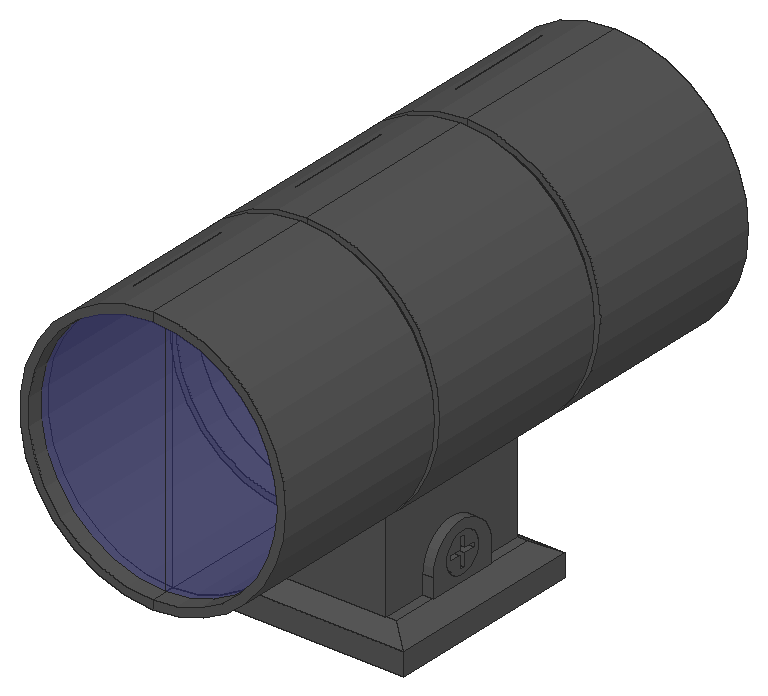
Revit family "CARLO CYLINDER LIGHT WALL MOUNT", category Lighting Fixtures, host Face, Revit 2020 (continued)
Types (10): name | Wattage_Input | Wattage Comments | Wattage | Photometric Web File | built-in parameter 1150142 | Model | built-in parameter 1150105 | Lumens | Light Length 1 | LIGHT RADIUS | LIGHT PLACEMENT | LIGHT LENGTH | LIGHT DIA | built-in parameter 1150106 | FIXED END HEIGHT | Curve base Height | Base Curve | BEAMING ANGLE | Apparent Load
    157.01 161.29 166.31 172.33 179.54 \r\n 188.29 198.69 211.68 229.16 248.44 266.09 286.23 312.58 342.8 375.8 \r\n 411.63 450.1 490.98 533.99 579.02 625.97 674.44 724.17 774.56 824.95 \r\n 875.23 925.24 974.52 1022.7 1069.4 1114.5 1157.6 1199.1 1237.1 1269.6 \r\n 1298.3 1324.4 1348.2 1371 1391.9 1410.7 1426.6 1438.8 1446.9 1450.6 \r\n 1452.3 \r\n1448.4 1448.8 1442.8 1430.6 1414.2 1395.2 1373.9 1350.9 1326.8 1303.3 \r\n 1278.5 1251.6 1221.3 1185.5 1145.7 1102.7 1056.8 1008.1 957.59 905.87 \r\n 854.07 803.7 754.17 705.37 657.4 610.26 564.19 519.13 476.03 435.97 \r\n 398.59 363.69 331.92 304.02 279.67 259.1 241.45 225.89 212.48 201.12 \r\n 191.4 182.84 175.5 169.36 164.17 159.68 155.8 152.35 149.35 146.8 \r\n 144.6 142.7 141.05 139.6 138.32 137.19 136.13 135.02 133.91 132.8 \r\n 131.72 130.74 129.81 128.93 128.07 127.27 126.35 125.18 123.71 122.04 \r\n 119.62 115.88 110.95 104.54 97.366 89.987 82.525 75.404 68.281 60.823 \r\n 53.418 46.279 39.59 33.738 28.329 22.874 18.051 14.436 11.835 10.496 \r\n 9.6624 8.5308 7.4791 6.6245 5.9467 5.4919 5.1781 4.9537 4.773 4.5596 \r\n 4.3535 4.1694 4.0071 3.8808 3.7634 3.6285 3.4884 3.3451 3.2041 3.0786 \r\n 2.9481 2.7882 2.6235 2.4717 2.329 2.2037 2.0761 1.9194 1.763 1.6354 \r\n 1.5126 1.3763 1.2387 1.1047 0.97786 0.86471 0.76061 0.66133 0.57216 0.4982 \r\n 0.43579 0.38205 0.33974 0.31351 0.2948 0.27556 0.25885 0.24591 0.23414 0.22383 \r\n 0.21445 0.20557 0.19723 0.18923 0.18183 0.17564 0.16944 0.16198 0.15397 0.14533 \r\n 0.13714 0.13138 0.12523 0.11501 0.10534 0.10124 0.097774 0.090652 0.082947 0.076744 \r\n 0.070717 0.063797 0.057304 0.052767 0.048487 0.042976 0.037135 0.031154 0.025679 0.022234 \r\n 0.018387 0.010832 0.0037262 0.00096492 0.000032 0 0 0 0 0 \r\n 0 0 0 0 0 0 0 0 0.000031 0.0013136 \r\n 0.002549 0.0024383 0.0021985 0.0028871 0.003685 0.0034928 0.0042092 0.0076397 0.012963 0.020134 \r\n 0.028633 0.038297 0.048027 0.056577 0.064229 0.070799 0.076432 0.080571 0.085134 0.092697 \r\n 0.10072 0.10711 0.11308 0.11919 0.1253 0.13122 0.13758 0.14491 0.15327 0.16323 \r\n 0.17376 0.18393 0.19407 0.20281 0.21436 0.23331 0.2572 0.2846 0.31809 0.35744 \r\n 0.40957 0.48569 0.57262 0.65752 0.75056 0.85788 0.97875 1.1223 1.265 1.3733 \r\n 1.4868 1.6476 1.8141 1.9522 2.0816 2.2061 2.34 2.5129 2.6831 2.8062 \r\n 2.9199 3.0515 3.1873 3.3236 3.4567 3.5741 3.6983 3.8513 4.0227 4.2136 \r\n 4.4112 4.5949 4.7885 4.9757 5.2564 5.7465 6.3817 7.1594 8.0105 8.7744 \r\n 9.7245 10.87 12.843 16.44 21.176 26.987 33.419 39.972 46.724 53.522 \r\n 60.558 68.102 75.768 83.309 90.58 97.328 103.62 109.7 114.81 117.93 \r\n 120.04 121.72 123.09 124.49 125.74 126.72 127.6 128.54 129.51 130.51 \r\n 131.51 132.49 133.49 134.56 135.61 136.52 137.48 138.68 140.06 141.57 \r\n 143.32 145.44 147.87 150.51 153.58 157.24 161.58 166.65 172.77 180.14 \r\n 189.07 199.54 212.67 230.48 250.17 268.22 288.69 315.22 345.59 378.8 \r\n 414.86 453.56 494.62 537.73 582.84 629.94 678.56 728.42 778.89 829.23 \r\n 879.42 929.35 978.51 1026.5 1072.9 1117.3 1159.8 1201.1 1239.1 1271.4 \r\n 1300.1 1326.2 1350.2 1373.2 1394.2 1412.8 1428.4 1440.3 1448.2 1451.4 \r\n 1452.3 \r\n1448.4 1449.7 1444.7 1433.3 1417.6 1399.5 1378.9 1355.9 1331.7 1308.2 \r\n 1283.6 1257.2 1227.6 1192.4 1153.2 1110.7 1065.2 1016.9 966.67 914.86 \r\n 862.79 812.09 762.19 712.94 664.63 617.55 571.51 525.95 482.29 442.02 \r\n 404.4 368.9 336.44 307.76 282.86 262.62 245.24 228.92 214.59 202.86 \r\n 192.92 184.17 176.66 170.34 164.97 160.34 156.36 152.82 149.75 147.13 \r\n 144.87 142.93 141.25 139.77 138.47 137.35 136.3 135.18 134.06 132.97 \r\n 131.93 130.95 130.02 129.12 128.24 127.43 126.53 125.39 124 122.51 \r\n 120.32 116.88 112.26 106.1 99.168 92.107 84.869 77.651 70.353 62.835 \r\n 55.407 48.311 41.619 35.56 29.9 24.271 19.293 15.527 12.78 11.291 \r\n 10.333 9.1524 8.0655 7.1394 6.3677 5.777 5.3355 5.0449 4.831 4.6129 \r\n 4.4117 4.2172 4.0424 3.9059 3.7802 3.6406 3.4971 3.3487 3.2041 3.0789 \r\n 2.9508 2.7961 2.6344 2.4755 2.3257 2.2038 2.082 1.9296 1.7748 1.6405 \r\n 1.5121 1.3825 1.2516 1.1127 0.97919 0.86547 0.76216 0.66302 0.57298 0.49484 \r\n 0.42865 0.37577 0.3351 0.30814 0.28848 0.26961 0.25333 0.23975 0.22754 0.21776 \r\n 0.20872 0.19852 0.18888 0.18133 0.17459 0.16797 0.16133 0.15446 0.14696 0.13765 \r\n 0.12867 0.12289 0.11699 0.10699 0.097648 0.093989 0.091239 0.08564 0.079167 0.072733 \r\n 0.065753 0.057354 0.049313 0.043611 0.038751 0.033852 0.02905 0.02389 0.019271 0.016676 \r\n 0.013899 0.0081177 0.0026759 0.00064946 0.000023 0 0 0 0 0 \r\n 0 0 0 0 0 0 0 0 0.00010061 0.0042979 \r\n 0.0083991 0.0082611 0.007731 0.010149 0.012894 0.013527 0.014849 0.01936 0.025524 0.032674 \r\n 0.040707 0.0495 0.058449 0.066995 0.074881 0.08149 0.087338 0.09237 0.097685 0.10486 \r\n 0.1124 0.11914 0.12566 0.1321 0.13852 0.14491 0.15156 0.15851 0.16651 0.17685 \r\n 0.1879 0.19827 0.20858 0.21784 0.22954 0.2473 0.26979 0.2979 0.3323 0.37088 \r\n 0.42285 0.50235 0.5924 0.67686 0.76737 0.86915 0.9854 1.1309 1.2762 1.382 \r\n 1.492 1.6506 1.8164 1.9583 2.0913 2.2137 2.3443 2.5148 2.6844 2.8121 \r\n 2.9306 3.061 3.1956 3.3358 3.476 3.6054 3.7417 3.9015 4.078 4.2719 \r\n 4.4766 4.6742 4.8997 5.1539 5.5222 6.118 6.8579 7.7162 8.6345 9.4521 \r\n 10.45 11.647 13.671 17.324 22.107 27.938 34.373 40.906 47.629 54.424 \r\n 61.417 68.798 76.262 83.617 90.724 97.364 103.59 109.67 114.75 117.72 \r\n 119.67 121.31 122.67 124.1 125.39 126.39 127.3 128.29 129.3 130.32 \r\n 131.36 132.41 133.47 134.56 135.62 136.55 137.53 138.71 140.06 141.59 \r\n 143.36 145.48 147.9 150.53 153.61 157.3 161.68 166.78 172.92 180.38 \r\n 189.36 199.77 212.7 229.97 249.33 268.06 289.36 316.06 346.43 379.67 \r\n 415.74 454.42 495.44 538.44 583.49 630.78 679.59 729.44 779.83 830.12 \r\n 880.25 930.11 979.17 1027 1073.2 1117.2 1159.5 1200.9 1239.2 1271.5 \r\n 1300.1 1326.6 1350.9 1374.1 1395.3 1414 1429.6 1441.5 1449.3 1452.3 \r\n 1452.3 \r\n1448.4 1450.7 1446.8 1436.1 1421.1 1403.9 1384 1361.1 1336.9 1313.3 \r\n 1288.7 1262.9 1234 1199.5 1161 1119 1074 1026.1 976.05 924.19 \r\n 871.9 820.87 770.54 720.8 672.09 625.08 579.09 533.06 488.85 448.35 \r\n 410.47 374.34 341.19 311.88 286.6 266.68 249.48 232.19 216.75 204.6 \r\n 194.47 185.52 177.85 171.33 165.78 161.02 156.93 153.31 150.17 147.48 \r\n 145.18 143.19 141.47 139.96 138.65 137.54 136.5 135.37 134.24 133.19 \r\n 132.18 131.21 130.27 129.36 128.46 127.65 126.76 125.66 124.37 123.05 \r\n 121.11 117.96 113.66 107.81 101.19 94.493 87.505 80.19 72.706 65.129 \r\n 57.681 50.626 43.916 37.604 31.644 25.827 20.693 16.78 13.892 12.241 \r\n 11.144 9.9087 8.7788 7.7649 6.8775 6.1208 5.5237 5.1529 4.8989 4.6752 \r\n 4.48 4.2735 4.0837 3.9345 3.7982 3.6526 3.5048 3.3511 3.2028 3.0784 \r\n 2.9533 2.8045 2.6463 2.4795 2.3219 2.2036 2.0881 1.9396 1.7859 1.6447 \r\n 1.5106 1.3885 1.2651 1.1198 0.97832 0.86464 0.76294 0.66358 0.57206 0.48941 \r\n 0.41942 0.36818 0.32987 0.30182 0.2807 0.26229 0.24669 0.23253 0.21995 0.21075 \r\n 0.20205 0.19044 0.17939 0.17222 0.16609 0.15896 0.15182 0.14549 0.1385 0.12867 \r\n 0.11905 0.11321 0.10749 0.097898 0.089085 0.085847 0.083776 0.079873 0.074711 0.067671 \r\n 0.059331 0.049414 0.039865 0.032913 0.027429 0.023273 0.019708 0.015575 0.012002 0.010344 \r\n 0.0087502 0.0050452 0.0015541 0.00033482 0.000013 0 0 0 0 0 \r\n 0 0 0 0 0 0 0 0 0.00017379 0.0073937 \r\n 0.014518 0.014542 0.013928 0.018271 0.02316 0.024831 0.026941 0.03261 0.039676 0.046965 \r\n 0.054633 0.062418 0.070399 0.078862 0.086928 0.093484 0.099505 0.10556 0.11176 0.11852 \r\n 0.12554 0.13268 0.13983 0.14673 0.1536 0.16058 0.1676 0.17412 0.18168 0.19236 \r\n 0.20389 0.21431 0.22469 0.23456 0.24651 0.26299 0.28386 0.31247 0.34762 0.38548 \r\n 0.43732 0.51993 0.61289 0.69726 0.78544 0.88084 0.99152 1.1386 1.2863 1.3902 \r\n 1.4972 1.6525 1.817 1.9636 2.101 2.2213 2.348 2.515 2.6834 2.8167 \r\n 2.9408 3.0698 3.203 3.347 3.4947 3.6373 3.7872 3.9547 4.1369 4.3343 \r\n 4.5468 4.7568 5.0175 5.3557 5.8329 6.5541 7.416 8.3647 9.3571 10.238 \r\n 11.29 12.532 14.593 18.27 23.07 28.918 35.357 41.864 48.559 55.375 \r\n 62.349 69.564 76.813 83.956 90.875 97.4 103.55 109.59 114.63 117.48 \r\n 119.31 120.91 122.27 123.72 125.04 126.07 127.01 128.04 129.08 130.12 \r\n 131.19 132.31 133.43 134.54 135.61 136.58 137.58 138.74 140.06 141.6 \r\n 143.39 145.51 147.93 150.57 153.65 157.37 161.78 166.89 173.05 180.58 \r\n 189.59 199.99 212.75 229.3 248.14 267.55 289.67 316.51 346.82 380.06 \r\n 416.09 454.7 495.63 538.49 583.47 630.93 679.92 729.73 780.03 830.29 \r\n 880.37 930.14 979.09 1026.8 1072.8 1116.6 1158.7 1200.3 1238.8 1271.1 \r\n 1299.9 1326.6 1351.4 1374.8 1396.1 1414.9 1430.5 1442.6 1450.4 1453.2 \r\n 1452.3 \r\n1448.4 1451.7 1448.8 1438.9 1424.5 1408.2 1389 1366.2 1341.9 1318.2 \r\n 1293.7 1268.4 1240.1 1206.4 1168.5 1127 1082.4 1034.9 985.08 933.22 \r\n 880.76 829.39 778.64 728.39 679.29 632.32 586.38 539.92 495.21 454.47 \r\n 416.3 379.58 345.8 316.03 290.47 270.78 253.64 235.33 218.76 206.21 \r\n 195.9 186.78 178.96 172.26 166.54 161.66 157.46 153.76 150.56 147.83 \r\n 145.48 143.44 141.69 140.15 138.83 137.72 136.69 135.54 134.41 133.39 \r\n 132.41 131.46 130.53 129.6 128.69 127.87 126.99 125.94 124.75 123.6 \r\n 121.88 119.01 115.02 109.52 103.25 96.919 90.182 82.784 75.132 67.503 \r\n 60.034 53.005 46.257 39.674 33.403 27.395 22.11 18.058 15.038 13.229 \r\n 11.996 10.707 9.5331 8.4261 7.4156 6.4842 5.7233 5.2668 4.9694 4.7392 \r\n 4.5501 4.331 4.1255 3.963 3.8155 3.6631 3.5108 3.3521 3.2008 3.0774 \r\n 2.9556 2.8127 2.6581 2.4838 2.3186 2.2038 2.0941 1.9488 1.7957 1.648 \r\n 1.5088 1.3944 1.2782 1.1262 0.9765 0.86351 0.7641 0.66428 0.57095 0.48388 \r\n 0.41037 0.36123 0.32563 0.29621 0.27329 0.2553 0.24042 0.22579 0.21295 0.20433 \r\n 0.19597 0.18298 0.17055 0.16364 0.15802 0.1504 0.14278 0.13682 0.13026 0.12019 \r\n 0.11021 0.1042 0.098551 0.089492 0.081335 0.078427 0.076886 0.074577 0.070608 0.06273 \r\n 0.052874 0.041607 0.030773 0.022616 0.016506 0.013106 0.010785 0.0076934 0.0051514 0.0043372 \r\n 0.0038227 0.0021581 0.00058688 0.000094 0.000005 0 0 0 0 0 \r\n 0 0 0 0 0 0 0 0 0.00023962 0.010163 \r\n 0.020024 0.020319 0.01977 0.025906 0.032808 0.035642 0.038674 0.045405 0.053297 0.060934 \r\n 0.068464 0.075273 0.082236 0.090521 0.098644 0.10502 0.11112 0.1182 0.12533 0.1317 \r\n 0.1382 0.14571 0.15347 0.16091 0.16833 0.17594 0.18334 0.1894 0.19646 0.20752 \r\n 0.21952 0.22983 0.24013 0.2507 0.26301 0.2783 0.29756 0.32639 0.36205 0.39939 \r\n 0.45124 0.53646 0.63185 0.7162 0.8023 0.89163 0.99688 1.145 1.2947 1.3972 \r\n 1.5018 1.654 1.817 1.9682 2.1101 2.2284 2.3514 2.5147 2.6813 2.8198 \r\n 2.9495 3.0771 3.2089 3.3561 3.5106 3.6656 3.8283 4.0033 4.1911 4.3919 \r\n 4.6118 4.8324 5.1267 5.55 6.1368 6.9805 7.9596 8.992 10.053 10.997 \r\n 12.101 13.383 15.47 19.158 23.964 29.829 36.278 42.764 49.44 56.298 \r\n 63.276 70.347 77.398 84.335 91.069 97.489 103.57 109.54 114.51 117.26 \r\n 119 120.57 121.92 123.39 124.74 125.79 126.76 127.81 128.89 129.95 \r\n 131.03 132.21 133.4 134.52 135.6 136.61 137.65 138.77 140.07 141.62 \r\n 143.44 145.57 147.99 150.63 153.73 157.48 161.93 167.06 173.24 180.8 \r\n 189.85 200.37 213.07 228.87 247.12 267.07 289.91 316.84 347.09 380.3 \r\n 416.29 454.83 495.68 538.42 583.33 630.92 680.07 729.86 780.09 830.34 \r\n 880.4 930.06 978.88 1026.4 1072.4 1116 1157.9 1199.7 1238.4 1270.7 \r\n 1299.5 1326.7 1351.8 1375.4 1396.8 1415.7 1431.5 1443.6 1451.4 1454 \r\n 1452.3 \r\n1448.4 1452.7 1450.7 1441.5 1427.8 1412.3 1393.6 1370.9 1346.5 1322.8 \r\n 1298.4 1273.3 1245.6 1212.4 1175.2 1134.2 1089.9 1042.7 993.1 941.29 \r\n 888.72 837.04 785.88 735.17 685.71 638.73 592.78 546 500.9 459.89 \r\n 421.43 384.19 349.9 319.81 294.04 274.42 257.18 237.97 220.44 207.54 \r\n 197.08 187.8 179.86 173.02 167.17 162.17 157.89 154.13 150.89 148.1 \r\n 145.72 143.64 141.85 140.29 138.95 137.84 136.81 135.66 134.52 133.53 \r\n 132.59 131.65 130.72 129.78 128.87 128.04 127.18 126.18 125.09 124.09 \r\n 122.57 119.93 116.22 111.07 105.15 99.16 92.646 85.201 77.423 69.756 \r\n 62.26 55.227 48.414 41.575 35.015 28.829 23.403 19.225 16.086 14.139 \r\n 12.788 11.454 10.242 9.0479 7.9213 6.828 5.9149 5.3758 5.0349 4.7975 \r\n 4.6137 4.3825 4.1624 3.9877 3.83 3.6711 3.5143 3.3517 3.1985 3.0764 \r\n 2.9576 2.8198 2.6683 2.4883 2.3172 2.2051 2.0999 1.9565 1.8034 1.6506 \r\n 1.5078 1.4002 1.2902 1.132 0.97495 0.86336 0.76673 0.66641 0.57119 0.48101 \r\n 0.4038 0.35688 0.32391 0.293 0.26807 0.25032 0.23606 0.22111 0.20814 0.20006 \r\n 0.19198 0.17779 0.16411 0.15734 0.15204 0.14406 0.13606 0.13025 0.12394 0.11399 \r\n 0.10404 0.09776 0.091979 0.083524 0.076077 0.073341 0.07207 0.070982 0.067885 0.05908 \r\n 0.047804 0.035566 0.023853 0.014663 0.0079653 0.0052161 0.0039581 0.0017286 0 0 \r\n 0 0 0 0 0 0 0 0 0 0 \r\n 0 0 0 0 0 0 0 0 0.00028778 0.012168 \r\n 0.024038 0.024626 0.024237 0.031708 0.040164 0.044195 0.048239 0.055758 0.064267 0.072508 \r\n 0.080254 0.086287 0.092319 0.10031 0.1083 0.11434 0.12037 0.12836 0.13635 0.14239 \r\n 0.14842 0.15619 0.16445 0.17247 0.18048 0.18871 0.19646 0.20201 0.20857 0.22007 \r\n 0.23257 0.2426 0.25265 0.26395 0.27678 0.29115 0.3092 0.33784 0.37358 0.41074 \r\n 0.46286 0.54998 0.647 0.73115 0.8155 0.90021 1.0013 1.1497 1.3006 1.4022 \r\n 1.5055 1.6558 1.8179 1.9726 2.1178 2.235 2.3552 2.5148 2.6792 2.8216 \r\n 2.9555 3.082 3.2126 3.362 3.5215 3.686 3.8585 4.0394 4.2319 4.436 \r\n 4.6621 4.8906 5.2118 5.7059 6.3825 7.3229 8.3922 9.4853 10.595 11.592 \r\n 12.741 14.056 16.168 19.868 24.684 30.574 37.044 43.525 50.201 57.116 \r\n 64.121 71.095 77.996 84.765 91.344 97.684 103.7 109.58 114.46 117.13 \r\n 118.8 120.34 121.69 123.15 124.52 125.59 126.57 127.66 128.75 129.82 \r\n 130.93 132.16 133.39 134.52 135.61 136.66 137.74 138.84 140.11 141.69 \r\n 143.54 145.68 148.11 150.77 153.9 157.69 162.17 167.32 173.53 181.11 \r\n 190.22 201.06 213.92 229.08 246.74 267.01 290.33 317.34 347.55 380.77 \r\n 416.76 455.28 496.09 538.76 583.63 631.31 680.56 730.38 780.61 830.89 \r\n 880.94 930.47 979.12 1026.6 1072.4 1115.9 1157.8 1199.5 1238.2 1270.6 \r\n 1299.5 1327 1352.5 1376.2 1397.7 1416.7 1432.6 1444.7 1452.4 1454.8 \r\n 1452.3 \r\n1448.4 1453.5 1452 1443.4 1430.1 1414.6 1396.1 1373.6 1349.4 1325.9 \r\n 1301.6 1276.2 1248.1 1215.1 1178.2 1137.4 1093.3 1046.1 996.42 944.71 \r\n 892.19 840.27 788.84 738.07 688.54 641.25 595.02 548.3 503.24 461.83 \r\n 422.96 385.71 351.45 321.17 295.06 274.69 256.84 237.79 220.59 207.69 \r\n 197.16 187.84 179.86 173.04 167.21 162.19 157.87 154.11 150.86 148.07 \r\n 145.66 143.54 141.71 140.13 138.78 137.64 136.58 135.42 134.28 133.29 \r\n 132.36 131.44 130.52 129.59 128.69 127.89 127.08 126.14 125.11 124.16 \r\n 122.69 120.14 116.57 111.64 105.93 100 93.525 86.217 78.558 70.901 \r\n 63.341 56.136 49.143 42.229 35.619 29.357 23.845 19.558 16.325 14.346 \r\n 12.992 11.669 10.466 9.2514 8.092 6.9607 6.0075 5.4296 5.0583 4.8119 \r\n 4.6266 4.3897 4.1651 3.9901 3.8325 3.6704 3.511 3.3501 3.1996 3.0785 \r\n 2.9602 2.8219 2.6708 2.4957 2.329 2.2154 2.1067 1.9597 1.8042 1.6539 \r\n 1.5143 1.4076 1.2978 1.1394 0.9828 0.87473 0.7815 0.68134 0.58519 0.49319 \r\n 0.4159 0.36976 0.33734 0.30477 0.27781 0.25898 0.24415 0.22933 0.21668 0.20886 \r\n 0.20086 0.1862 0.17196 0.1649 0.15954 0.15201 0.14431 0.13748 0.13049 0.12228 \r\n 0.11406 0.10698 0.1001 0.092179 0.085333 0.08214 0.080025 0.077904 0.07387 0.064558 \r\n 0.053252 0.041933 0.031136 0.021787 0.014684 0.011911 0.010528 0.0077206 0.0051918 0.0039976 \r\n 0.0032627 0.0024112 0.0016023 0.00070519 0.000014 0 0 0 0 0 \r\n 0 0 0 0 0 0 0 0 0.000097 0.0099491 \r\n 0.019741 0.019949 0.019348 0.025279 0.032521 0.037475 0.042616 0.049333 0.057283 0.067395 \r\n 0.077238 0.083852 0.089749 0.097011 0.10396 0.10882 0.11395 0.12202 0.13033 0.13633 \r\n 0.14219 0.14948 0.15745 0.16606 0.17478 0.1833 0.19097 0.1956 0.2015 0.21421 \r\n 0.22788 0.23697 0.24606 0.25828 0.27241 0.28751 0.30593 0.33322 0.36798 0.40704 \r\n 0.46119 0.54818 0.64404 0.72528 0.80824 0.89848 1.0048 1.1504 1.2973 1.3991 \r\n 1.5051 1.6632 1.8317 1.9817 2.1216 2.2422 2.3663 2.5245 2.6853 2.8216 \r\n 2.9505 3.0782 3.2105 3.3575 3.5119 3.6668 3.8302 4.008 4.1994 4.4032 \r\n 4.6279 4.8575 5.1648 5.6096 6.2151 7.0645 8.0365 9.034 10.067 11.024 \r\n 12.169 13.516 15.704 19.558 24.532 30.497 37.026 43.597 50.365 57.355 \r\n 64.443 71.544 78.567 85.398 92.018 98.418 104.44 110.18 114.9 117.49 \r\n 119.12 120.61 121.92 123.35 124.68 125.74 126.74 127.84 128.96 130.05 \r\n 131.17 132.4 133.62 134.73 135.81 136.9 138.02 139.15 140.43 142
